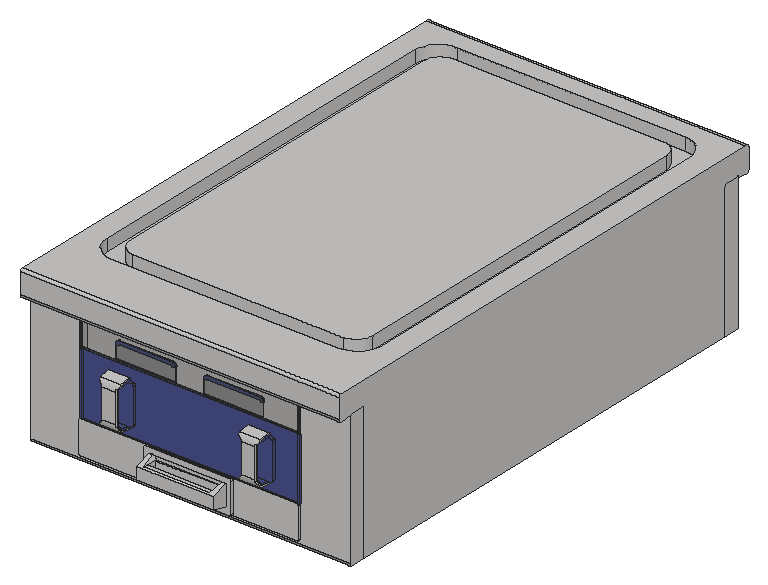
Revit family "QF_ELECTROLUXPROFESSIONAL_588000_MALAAAEOAO", category Specialty Equipment, Revit 2018
Family settings
  Round Connector Dimension = Use Diameter
  Part Type = Normal
  Work Plane-Based = No
  Always vertical = Yes
  Cut with Voids When Loaded = No
  Shared = No
  Room Calculation Point = No
Parameters
  Weight in Pounds = 154.3  # constant formula
  Watts = 6000 VA  # 6000 W
  Volts = 400 V  # constant formula
  URL Cutsheet = ""
  Type Mark [instance] = ""
  Status [instance] = ""
  Specification by User [instance] = ""
  Specification by Manufacturer = ""
  Show Clearance [instance] = yes
  Serial Number = ""
  Seismic Rating = ""
  SMACNA No = ""
  Revision Code [instance] = ""
  Phase = 3  # constant formula
  Omniclass Number and Title = ""
  Number of Poles [instance] = 1
  NAFEM Spec ID Number = ""
  Model = "588000"
  Min Ckt Ampacity = 0 A
  Max Overcurrent Protection = 0 A
  Masterspec = ""
  Manufacturer = "ELECTROLUX"
  Item Number [instance] = ""
  Installed By [instance] = ""
  Identify Quantity as Lot [instance] = yes
  HP = "8 HP"
  Furnished By [instance] = ""
  Foodservice Equipment Identifier [instance] = yes
  FL Amps [instance] = if(Phase = 3, Watts / (Volts * 1.73), Watts / Volts)  # 8.67052 A
  Electrical Remarks = "400 V/3N ph/50/60 Hz"  # constant formula
  Electric Connection Type [instance] = ""
  Elec Conn RI Height [instance] = 0 mm
  Elec Conn Connection Height [instance] = 0 mm
  Direct Waste Size = 0"
  Description = "EL.SOLID TOP,2 ZONES,1-SIDE,500X800X250H"
  Cycle [instance] = if([60 Hertz Option], 60 Hz, 50 Hz)  # 60 Hz
  Conn Plug = ""
  Conn Conduit = yes
  CSI MasterFormat = ""
  CSI Master Format = ""
  Back Panel [instance] = yes
  Apparent Power [instance] = if(Phase = 3, Volts * FL Amps * 1.73, Volts * FL Amps)  # 6000 VA
  60 Hertz Option [instance] = not([50 Hertz Option])  # yes
  50 Hertz Option [instance] = no
Reference planes
  plane 1 "BACK": y = -100
  plane 2: z = 0
  plane 3 "LEFT": x = 0
  plane 4 "RIGHT": x = 500
  plane 5 "FRONT": y = -900
  plane 6 "TOP": z = 250
  plane 7: x = 250
  plane 8: y = -500
  plane 9: x = 455
  plane 10: y = -1330
Forms (mm)
  Extrusion 1, solid, material "QF_Finishes_Stainless Steel"
    sketch origin (0, -487.128, 0) x (0, 1, 0) y (0, 0, 1)
      loop
        line (383.128, 250) -> (-408.872, 250)
        arc (-408.872, 250) -> (-411.7, 248.828) -> (-412.872, 246) r 4
        line (-412.872, 246) -> (-412.872, 214)
        arc (-412.872, 214) -> (-411.443, 210.936) -> (-408.177, 210.061) r 4
        line (-408.177, 210.061) -> (-391.509, 213) -> (-366.872, 213) -> (-366.872, 0) -> (341.128, 0) -> (341.128, 213) -> (365.765, 213) -> (382.433, 210.061)
        arc (382.433, 210.061) -> (385.699, 210.936) -> (387.128, 214) r 4
        line (387.128, 214) -> (387.128, 246)
        arc (387.128, 246) -> (385.956, 248.828) -> (383.128, 250) r 4
    from 0 to 500
  Extrusion 2, solid, material "QF_Finishes_Stainless Steel", visible <- "Back Panel"
    sketch origin (0, 0, 0) x (0, 1, 0) y (0, 0, 1)
      loop
        line (-146, 0) -> (-120, 0) -> (-120, 215)
        arc (-120, 215) -> (-120.586, 213.586) -> (-122, 213) r 2
        line (-122, 213) -> (-146, 213) -> (-146, 0)
    from 0 to 500
  Extrusion 3, void
    sketch origin (653.786, -55.952, 250) x (1, 0, 0) y (0, -1, 0)
      loop
        arc (-619.186, 115.648) -> (-608.349, 89.485) -> (-582.186, 78.648) r 37
        line (-582.186, 78.648) -> (-225.386, 78.648)
        arc (-225.386, 78.648) -> (-199.223, 89.485) -> (-188.386, 115.648) r 37
        line (-188.386, 115.648) -> (-188.386, 716.572)
        arc (-188.386, 716.572) -> (-199.656, 743.779) -> (-226.863, 755.048) r 38.476
        line (-226.863, 755.048) -> (-582.186, 755.048)
        arc (-582.186, 755.048) -> (-608.349, 744.211) -> (-619.186, 718.048) r 37
        line (-619.186, 718.048) -> (-619.186, 115.648)
    from 0 to 19.1
  Extrusion 4, solid, material "QF_Finishes_Stainless Steel"
    sketch origin (0, -854, 0) x (1, 0, 0) y (0, -1, 0)
      loop
        circle (455, -169) r 6.35
    from 0 to 3.2
  Extrusion 5, solid, material "QF_Finishes_Stainless Steel"
    sketch origin (653.786, 9.048, 230.9) x (1, 0, 0) y (0, 1, 0)
      loop
        arc (-568.386, -169.048) -> (-586.347, -176.488) -> (-593.786, -194.448) r 25.4
        line (-593.786, -194.448) -> (-593.786, -769.248)
        arc (-593.786, -769.248) -> (-586.347, -787.209) -> (-568.386, -794.648) r 25.4
        line (-568.386, -794.648) -> (-239.186, -794.648)
        arc (-239.186, -794.648) -> (-221.226, -787.209) -> (-213.786, -769.248) r 25.4
        line (-213.786, -769.248) -> (-213.786, -194.448)
        arc (-213.786, -194.448) -> (-221.226, -176.488) -> (-239.186, -169.048) r 25.4
        line (-239.186, -169.048) -> (-568.386, -169.048)
    from 0 to 19.1
  Extrusion 6, solid, material "QF_Door-Drawer Clearances", visible <- "Show Clearance", detail levels coarse
    sketch origin (287.31, -881.593, 8.62) x (0, 0, 1) y (-1, 0, 0)
      loop
        line (1.973, -134.295) -> (49.317, -134.295)
        arc (49.317, -134.295) -> (50.776, -133.691) -> (51.38, -132.232) r 2.063
        line (51.38, -132.232) -> (51.38, 206.852)
        arc (51.38, 206.852) -> (50.88, 208.549) -> (49.541, 209.705) r 3.133
        line (49.541, 209.705) -> (3.067, 209.705)
        arc (3.067, 209.705) -> (0.898, 208.807) -> (0, 206.638) r 3.067
        line (0, 206.638) -> (0, -132.322)
        arc (0, -132.322) -> (0.578, -133.717) -> (1.973, -134.295) r 1.973
    from 0 to 448.407
Cuts and joins
  Extrusion 3 cuts Extrusion 1
Lines and regions (mm)
  symbolic lines
    curve 1: line (0, -100, 0) -> (500, -100, 0)
    curve 2: line (0, -900, 0) -> (0, -100, 0)
    curve 3: line (500, -900, 0) -> (0, -900, 0)
    curve 4: line (500, -100, 0) -> (500, -900, 0)
    curve 5: line (124.883, -902.326, 0) -> (124.883, -900, 0)
    curve 6: spline (130.551, -903.73, 0) -> (130.073, -903.657, 0) -> (129.595, -903.575, 0) -> (129.118, -903.486, 0) -> (128.642, -903.389, 0) -> (128.167, -903.283, 0) -> (127.693, -903.17, 0) -> (127.221, -903.049, 0) -> (126.75, -902.92, 0) -> (126.281, -902.783, 0) -> (125.813, -902.638, 0) -> (125.347, -902.486, 0) -> (124.883, -902.326, 0)
    curve 7: line (157.098, -902.326, 0) -> (157.098, -900, 0)
    curve 8: spline (157.098, -902.326, 0) -> (156.634, -902.486, 0) -> (156.168, -902.638, 0) -> (155.7, -902.783, 0) -> (155.231, -902.92, 0) -> (154.76, -903.049, 0) -> (154.287, -903.17, 0) -> (153.814, -903.283, 0) -> (153.339, -903.389, 0) -> (152.863, -903.486, 0) -> (152.386, -903.575, 0) -> (151.908, -903.657, 0) -> (151.429, -903.73, 0)
    curve 9: line (130.551, -903.73, 0) -> (151.429, -903.73, 0)
    curve 10: line (375.117, -902.326, 0) -> (375.117, -900, 0)
    curve 11: spline (369.449, -903.73, 0) -> (369.927, -903.657, 0) -> (370.405, -903.575, 0) -> (370.882, -903.486, 0) -> (371.358, -903.389, 0) -> (371.833, -903.283, 0) -> (372.307, -903.17, 0) -> (372.779, -903.049, 0) -> (373.25, -902.92, 0) -> (373.719, -902.783, 0) -> (374.187, -902.638, 0) -> (374.653, -902.486, 0) -> (375.117, -902.326, 0)
    curve 12: line (342.902, -902.326, 0) -> (342.902, -900, 0)
    curve 13: spline (342.902, -902.326, 0) -> (343.366, -902.486, 0) -> (343.832, -902.638, 0) -> (344.3, -902.783, 0) -> (344.769, -902.92, 0) -> (345.24, -903.049, 0) -> (345.713, -903.17, 0) -> (346.186, -903.283, 0) -> (346.661, -903.389, 0) -> (347.137, -903.486, 0) -> (347.614, -903.575, 0) -> (348.092, -903.657, 0) -> (348.571, -903.73, 0)
    curve 14: line (369.449, -903.73, 0) -> (348.571, -903.73, 0)
    curve 26: line (414.6, -160, 0) -> (85.4, -160, 0)
    curve 27: arc (85.4, -160, 0) -> (67.439, -167.439, 0) -> (60, -185.4, 0) r 25.4
    curve 28: line (60, -185.4, 0) -> (60, -760.2, 0)
    curve 29: arc (60, -760.2, 0) -> (67.439, -778.161, 0) -> (85.4, -785.6, 0) r 25.4
    curve 30: line (85.4, -785.6, 0) -> (414.6, -785.6, 0)
    curve 31: arc (414.6, -785.6, 0) -> (432.561, -778.161, 0) -> (440, -760.2, 0) r 25.4
    curve 32: line (440, -760.2, 0) -> (440, -185.4, 0)
    curve 33: arc (440, -185.4, 0) -> (432.561, -167.439, 0) -> (414.6, -160, 0) r 25.4
    curve 34: line (197.608, -908.767, 0) -> (196.03, -900, 0)
    curve 35: line (197.608, -908.767, 0) -> (300.042, -908.767, 0)
    curve 36: line (300.042, -908.767, 0) -> (301.62, -900, 0)
  symbolic lines, style "QF_Door-Drawer Clearances"
    curve 15: line (77.605, -1330, 0) -> (77.605, -900, 0)
    curve 16: line (77.605, -1330, 0) -> (421.605, -1330, 0)
    curve 17: line (421.605, -1330, 0) -> (421.605, -900, 0)
  symbolic lines, style "SpecialityEquipment"
    curve 18: line (71.6, -134.6, 0) -> (428.4, -134.6, 0)
    curve 19: arc (428.4, -134.6, 0) -> (454.563, -145.437, 0) -> (465.4, -171.6, 0) r 37
    curve 20: line (465.4, -171.6, 0) -> (465.4, -772.524, 0)
    curve 21: arc (465.4, -772.524, 0) -> (454.131, -799.731, 0) -> (426.924, -811, 0) r 38.476
    curve 22: line (426.924, -811, 0) -> (71.6, -811, 0)
    curve 23: arc (71.6, -811, 0) -> (45.437, -800.163, 0) -> (34.6, -774, 0) r 37
    curve 24: line (34.6, -774, 0) -> (34.6, -171.6, 0)
    curve 25: arc (34.6, -171.6, 0) -> (45.437, -145.437, 0) -> (71.6, -134.6, 0) r 37
Dimensions and locks
  plane 3 "LEFT" to plane 4 "RIGHT" = 500 mm
  plane 5 "FRONT" to plane 1 "BACK" = 800 mm
  equal spacing: plane 3 "LEFT", plane 7, plane 4 "RIGHT"
  equal spacing: plane 5 "FRONT", plane 8, plane 1 "BACK"
  plane 6 "TOP" to level = 250 mm  (x2)
  plane 1 "BACK" to plane 5 "FRONT" = 800 mm
  Extrusion 4 sketch curve to plane 1 "BACK" = 585 mm
  Extrusion 4 sketch curve to plane 4 "RIGHT" = 45 mm
  plane 1 "BACK" to Extrusion 4 = 585 mm
  plane 9 to plane 4 "RIGHT" = 45 mm
  aligned and locked: level to plane 2
  aligned and locked: cut or joined group of Extrusion 1, Extrusion 3 to plane 4 "RIGHT"
  aligned and locked: Extrusion 2 to plane 4 "RIGHT"
  aligned and locked: plane 7 to nested 1
Automatic sketch dimensions
  Extrusion 2 sketch curve to Extrusion 2 sketch curve = 26 mm
  plane 1 "BACK" to Extrusion 2 sketch curve = 22 mm
  Extrusion 2 sketch curve to Extrusion 2 sketch curve = 2 mm
  level to Extrusion 2 sketch curve = 213 mm
  Extrusion 1 sketch curve to plane 5 "FRONT" = 0 mm
  Extrusion 1 sketch curve to plane 6 "TOP" = 0 mm
  Extrusion 1 sketch curve to level = 0 mm
  Extrusion 1 sketch curve to plane 1 "BACK" = 0 mm
  Extrusion 1 sketch curve to plane 6 "TOP" = 37 mm  (x2)
  Extrusion 1 sketch curve to plane 5 "FRONT" = 4 mm
  Extrusion 1 sketch curve to plane 5 "FRONT" = 21.363 mm
  Extrusion 1 sketch curve to plane 5 "FRONT" = 46 mm
  plane 1 "BACK" to Extrusion 1 sketch curve = 21.363 mm
  plane 1 "BACK" to Extrusion 1 sketch curve = 4 mm  (x2)
  Extrusion 1 sketch curve to Extrusion 1 sketch curve = 4 mm
  Extrusion 1 sketch curve to Extrusion 1 sketch curve = 0.695 mm
  Extrusion 1 sketch curve to Extrusion 1 sketch curve = 0 mm  (x4)
  plane 1 "BACK" to Extrusion 1 sketch curve = 4.695 mm
  Extrusion 1 sketch curve to Extrusion 1 sketch curve = 1 mm  (x2)
  plane 1 "BACK" to Extrusion 1 sketch curve = 46 mm
  level to Extrusion 6 sketch curve = 8.62 mm
  level to Extrusion 6 sketch curve = 57.937 mm
  plane 4 "RIGHT" to Extrusion 6 sketch curve = 78.395 mm
  Extrusion 6 sketch curve to Extrusion 6 sketch curve = 1.973 mm
  Extrusion 6 sketch curve to Extrusion 6 sketch curve = 3.067 mm
  Extrusion 6 sketch curve to plane 7 = 172.395 mm
  Extrusion 6 sketch curve to Extrusion 6 sketch curve = 46.474 mm
  Extrusion 6 sketch curve to Extrusion 6 sketch curve = 2.063 mm
  Extrusion 6 sketch curve to Extrusion 6 sketch curve = 3.133 mm
  Extrusion 1 to Extrusion 3 sketch curve = 34.6 mm  (x2)
  Extrusion 1 to Extrusion 3 sketch curve = 85 mm
  Extrusion 1 to Extrusion 3 sketch curve = 30.6 mm
  Extrusion 3 sketch curve to Extrusion 3 sketch curve = 37 mm  (x2)
  Extrusion 1 to Extrusion 3 sketch curve = 73.076 mm
  Extrusion 1 to Extrusion 3 sketch curve = 71.6 mm
  Extrusion 5 sketch curve to Extrusion 3 = 25.4 mm  (x3)
  Extrusion 5 sketch curve to Extrusion 5 sketch curve = 25.4 mm  (x2)
  Extrusion 5 sketch curve to Extrusion 3 = 50.8 mm  (x3)
  curve 4 to plane 4 "RIGHT" = 0 mm
  curve 16 to plane 10 = 0 mm
  curve 2 to plane 3 "LEFT" = 0 mm
  plane 1 "BACK" to curve 1 = 0 mm
  plane 5 "FRONT" to curve 36 = 0 mm
  curve 20 to plane 9 = 10.4 mm
  plane 9 to curve 32 = 15 mm
  plane 9 to curve 18 = 26.6 mm
  plane 9 to curve 22 = 28.076 mm
  plane 9 to curve 16 = 33.395 mm
  curve 21 to curve 30 = 12.324 mm
  curve 19 to curve 26 = 13.8 mm
  plane 5 "FRONT" to curve 10 = 2.326 mm
  curve 17 to curve 10 = 46.488 mm
  plane 5 "FRONT" to curve 14 = 3.73 mm
  curve 10 to curve 14 = 5.669 mm
  curve 14 to curve 14 = 20.878 mm
  plane 5 "FRONT" to curve 12 = 2.326 mm
  curve 14 to curve 12 = 5.669 mm
  curve 35 to plane 7 = 52.392 mm
  plane 5 "FRONT" to curve 7 = 2.326 mm
  curve 34 to curve 7 = 40.51 mm
  plane 5 "FRONT" to curve 9 = 3.73 mm
  curve 7 to curve 9 = 5.669 mm
  curve 9 to curve 9 = 20.878 mm
  plane 5 "FRONT" to curve 5 = 2.326 mm
  curve 6 to curve 5 = 5.669 mm
  plane 3 "LEFT" to curve 26 = 85.4 mm
  plane 3 "LEFT" to curve 30 = 85.4 mm
  plane 3 "LEFT" to curve 16 = 77.605 mm
  curve 27 to curve 18 = 13.8 mm
  curve 30 to curve 22 = 13.8 mm
  curve 25 to curve 28 = 11.6 mm
  curve 27 to curve 24 = 25.4 mm
  plane 5 "FRONT" to curve 11 = 4.032 mm
  curve 14 to curve 11 = 4.17 mm
  plane 5 "FRONT" to curve 13 = 4.032 mm
  curve 13 to curve 13 = 4.17 mm
  curve 12 to curve 36 = 41.282 mm
  plane 5 "FRONT" to curve 36 = 8.767 mm
  curve 36 to curve 36 = 1.578 mm
  curve 34 to curve 34 = 1.578 mm
  plane 5 "FRONT" to curve 8 = 4.032 mm
  curve 9 to curve 8 = 4.17 mm
  plane 5 "FRONT" to curve 6 = 4.032 mm
  curve 6 to curve 6 = 4.17 mm
  plane 1 "BACK" to curve 18 = 34.6 mm
  curve 26 to curve 19 = 11.6 mm
  curve 28 to curve 6 = 100.699 mm
  curve 32 to curve 20 = 12.324 mm
  Extrusion 2 sketch curve to level = 0 mm
  radius of Extrusion 4 sketch curve = 6.35 mm
Nested families
  nested 1: "EST_800_500 mm Double Control Front Panel" at (252.376, -854, -650), type "EST_800_500 mm Double Control Front Panel"
Connectors
  electrical at (455, -685, -3.2), driven by "Volts", driven by "Watts"
    settings: on Extrusion 4, index 1, voltage 400 V, apparent load 6000 VA, apparent load phase1 0 VA, apparent load phase2 0 VA, apparent load phase3 0 VA, power factor 1, load classification "Other", number of poles 1, system type 30, power factor state 1, is connector primary yes, connector utility no, sub classification motor no, connector description "ELECTRICAL CONNECTION"
Definition of nested family "EST_800_500 mm Double Control Front Panel"
  Parameters
    Length = 500 mm
  Reference planes
    plane 1 "Center (Front/Back)": y = 0
    plane 2: z = 0
    plane 3 "Center (Left/Right)": x = -2.376
    plane 4: x = -252.376
    plane 5: x = 247.624
  Forms (mm)
    Extrusion 1, solid
      sketch origin (833.217, 829.203, -1.25) x (0, 1, 0) y (0, 0, 1)
        loop
          arc (-854.203, 654.25) -> (-853.324, 652.129) -> (-851.203, 651.25) r 3
          line (-851.203, 651.25) -> (-829.203, 651.25) -> (-829.203, 864.25) -> (-854.203, 864.25) -> (-854.203, 654.25)
      from -1085.593 to -585.593
    Extrusion 2, void
      sketch origin (33.217, 829.203, -1.25) x (1, 0, 0) y (0, 0, 1)
        loop
          line (-207.593, 852.364) -> (-207.593, 710.364) -> (136.407, 710.364) -> (136.407, 852.364) -> (-207.593, 852.364)
      from 843.409 to 854.203
  Cuts and joins
    Extrusion 2 cuts Extrusion 1
  Dimensions and locks
    equal spacing: plane 5, plane 3 "Center (Left/Right)", plane 4
    "Length": plane 5 to plane 4
    locked: nested 2 to plane 4 at 117.396
    locked: plane 5 to nested 1 at 117
    locked: nested 2 to plane 4 at 141.217
    locked: plane 5 to nested 1 at 140.821
    aligned and locked: cut or joined group of Extrusion 1, Extrusion 2 to plane 4
    aligned and locked: plane 5 to cut or joined group of Extrusion 1, Extrusion 2
    aligned and locked: plane 3 "Center (Left/Right)" to nested 3
  Automatic sketch dimensions
    Extrusion 1 sketch curve to plane 1 "Center (Front/Back)" = 0 mm
    plane 1 "Center (Front/Back)" to Extrusion 1 sketch curve = 22 mm
    Extrusion 1 sketch curve to Extrusion 1 sketch curve = 3 mm
    level to Extrusion 1 sketch curve = 650 mm
    Extrusion 1 sketch curve to Extrusion 1 sketch curve = 210 mm
    plane 4 to Extrusion 2 sketch curve = 78 mm
    Extrusion 2 sketch curve to plane 5 = 78 mm
    level to Extrusion 2 sketch curve = 709.114 mm
    Extrusion 2 sketch curve to Extrusion 2 sketch curve = 142 mm
  Nested families
    nested 1: "Range Control Handle" at (106.804, -28.137, -209.113), type "Range Control Handle"
    nested 2: "Range Control Handle" at (-111.159, -28.137, -209.113) x (-1, 0, 0) z (0, 0, 1), type "Range Control Handle"
    nested 3: "glass conrol panel One Right Side" at (-2.376, 278.697, 0), type "glass conrol panel One Right Side"
    nested 4: "grease trap door" at (65.223, -25, 0.608) x (-1, 0, 0) z (0, 0, 1), type "grease trap door"
  Definition of nested family "Range Control Handle"
    Reference planes
      plane 1 "Center (Front/Back)": y = 0
      plane 2: z = 0
      plane 3 "Center (Left/Right)": x = 0
      plane 4: z = 971.092
    Forms (mm)
      Extrusion 1, solid
        sketch origin (-746.28, 380.497, 208.931) x (-1, 0, 0) y (0, 0, 1)
          loop
            line (-770.101, 786.798) -> (-770.101, 731.649)
            arc (-770.101, 731.649) -> (-769.759, 730.563) -> (-768.855, 729.87) r 1.893
            line (-768.855, 729.87) -> (-763.474, 727.911) -> (-729.81, 727.911) -> (-724.428, 729.87)
            arc (-724.428, 729.87) -> (-723.525, 730.563) -> (-723.183, 731.649) r 1.893
            line (-723.183, 731.649) -> (-723.183, 786.798)
            arc (-723.183, 786.798) -> (-723.529, 787.894) -> (-724.44, 788.593) r 1.91
            line (-724.44, 788.593) -> (-729.683, 790.819) -> (-763.601, 790.819) -> (-768.844, 788.593)
            arc (-768.844, 788.593) -> (-769.755, 787.894) -> (-770.101, 786.798) r 1.91
        from -382.35 to -378.852
      Sweep 2, solid
        path origin (-746.788, 380.496, 208.091) x (0, -1, 0) y (0, 0, 1)
          loop
            line (379.775, 793.281) -> (395.661, 791.048)
            arc (395.661, 791.048) -> (397.781, 787.377) -> (398.517, 783.202) r 12.207
            line (398.517, 783.202) -> (398.517, 737.368)
            arc (398.517, 737.368) -> (397.781, 733.193) -> (395.661, 729.522) r 12.207
            line (395.661, 729.522) -> (379.775, 727.289)
        profile origin (-746.788, -7.222, 1000.256) x (0, -0.139173, 0.990268) y (-1, 0, 0)
          loop
            line (0.782, -763.123) -> (0.782, -730.907) -> (-1.322, -730.907) -> (-1.322, -763.123) -> (0.782, -763.123)
      Sweep 3, solid
        path origin (-746.788, 380.715, 207.832) x (0, -1, 0) y (0, 0, 1)
          loop
            line (380.478, 795.442) -> (397.218, 793.09)
            arc (397.218, 793.09) -> (399.929, 788.473) -> (400.871, 783.202) r 15.207
            line (400.871, 783.202) -> (400.871, 737.584)
            arc (400.871, 737.584) -> (399.914, 732.274) -> (397.164, 727.633) r 15.207
            line (397.164, 727.633) -> (380.601, 725.305)
        profile origin (-746.788, -8.132, 1002.099) x (0, -0.139173, 0.990268) y (-1, 0, 0)
          loop
            line (0.782, -763.123) -> (0.782, -730.907) -> (-1.322, -730.907) -> (-1.322, -763.123) -> (0.782, -763.123)
      Extrusion 4, void
        sketch origin (889.253, 220.666, 207.993) x (1, 0, 0) y (0, 0, 1)
          loop
            line (-943.038, 816.854) -> (-943.038, 703.686) -> (-899.466, 734.196) -> (-899.466, 786.344) -> (-943.038, 816.854)
        from 230.636 to 242.25
      Extrusion 5, void
        sketch origin (-888.8, 220.666, 207.993) x (-1, 0, 0) y (0, 0, -1)
          loop
            line (-943.038, -816.854) -> (-899.466, -786.344) -> (-899.466, -734.196) -> (-943.038, -703.686) -> (-943.038, -816.854)
        from 230.636 to 242.25
      Extrusion 6, solid
        sketch origin (0, 0, 0) x (1, 0, 0) y (0, 0, 1)
          loop
            circle (0, 971.092) r 7.736
        from -3.137 to -1.645
    Cuts and joins
      Extrusion 4, Extrusion 5 cuts Sweep 3
      Extrusion 4, Extrusion 5 cuts Sweep 2
      joined: Extrusion 1, Extrusion 6
    Lines and regions (mm)
      symbolic lines
        curve 1: line (23.821, 1.645, 0) -> (-23.097, 1.645, 0)
        curve 2: line (16.334, -1.853, 0) -> (23.821, -1.853, 0)
        curve 3: line (-15.881, -19.189, 0) -> (-15.881, -1.853, 0)
        curve 4: line (-23.097, -1.853, 0) -> (-15.881, -1.853, 0)
        curve 5: line (16.334, -19.189, 0) -> (16.334, -1.853, 0)
        curve 6: spline (-15.881, -19.189, 0) -> (-15.417, -19.349, 0) -> (-14.951, -19.501, 0) -> (-14.483, -19.646, 0) -> (-14.014, -19.783, 0) -> (-13.543, -19.912, 0) -> (-13.071, -20.033, 0) -> (-12.597, -20.146, 0) -> (-12.122, -20.251, 0) -> (-11.646, -20.349, 0) -> (-11.169, -20.438, 0) -> (-10.691, -20.52, 0) -> (-10.213, -20.593, 0)
        curve 7: spline (10.666, -20.593, 0) -> (11.144, -20.52, 0) -> (11.622, -20.438, 0) -> (12.099, -20.349, 0) -> (12.575, -20.251, 0) -> (13.05, -20.146, 0) -> (13.524, -20.033, 0) -> (13.996, -19.912, 0) -> (14.467, -19.783, 0) -> (14.936, -19.646, 0) -> (15.404, -19.501, 0) -> (15.87, -19.349, 0) -> (16.334, -19.189, 0)
        curve 8: line (-10.213, -20.938, 0) -> (10.716, -20.938, 0)
        curve 9: line (-23.097, 1.645, 0) -> (-23.097, -1.853, 0)
        curve 10: line (23.821, 1.645, 0) -> (23.821, -1.853, 0)
  Definition of nested family "glass conrol panel One Right Side"
    Reference planes
      plane 1 "Center (Front/Back)": y = 0
      plane 2: z = 0
      plane 3 "Center (Left/Right)": x = 0
    Forms (mm)
      Extrusion 1, solid
        sketch origin (378.286, 0, 0.617) x (1, 0, 0) y (0, 0, 1)
          loop
            line (-550.286, 806.791) -> (-550.286, 708.497) -> (-206.286, 708.497) -> (-206.286, 806.791) -> (-550.286, 806.791)
        from 300.031 to 304.8
      Extrusion 2, solid
        sketch origin (378.286, 0, 0.617) x (1, 0, 0) y (0, 0, 1)
          loop
            line (-550.286, 850.497) -> (-550.286, 806.791) -> (-206.286, 806.791) -> (-206.286, 850.497) -> (-550.286, 850.497)
        from 300.031 to 304.8
      Extrusion 3, void
        sketch origin (378.286, 0, 0.617) x (1, 0, 0) y (0, 0, 1)
          loop
            line (-547.628, 847.565) -> (-547.628, 710.699) -> (-209.196, 710.699) -> (-209.196, 847.565) -> (-547.628, 847.565)
        from 303.697 to 304.8
      Extrusion 4, solid
        sketch origin (377.536, 1.101, -0.633) x (1, 0, 0) y (0, 0, 1)
          loop
            line (-261.431, 812.62) -> (-261.431, 834.177) -> (-266.24, 834.177) -> (-268.039, 835.977) -> (-348.469, 835.977) -> (-350.269, 834.177) -> (-355.186, 834.177) -> (-355.186, 812.62) -> (-261.431, 812.62)
        from 304.798 to 306.745
      Extrusion 5, solid
        sketch origin (377.536, 1.101, -0.633) x (1, 0, 0) y (0, 0, 1)
          loop
            line (-350.269, 834.177) -> (-348.469, 835.977) -> (-268.039, 835.977) -> (-266.24, 834.177) -> (-261.529, 834.177)
            arc (-261.529, 834.177) -> (-262.706, 838.752) -> (-266.98, 840.763) r 5.549
            line (-266.98, 840.763) -> (-349.686, 840.763)
            arc (-349.686, 840.763) -> (-353.942, 838.747) -> (-355.078, 834.177) r 5.5
            line (-355.078, 834.177) -> (-350.269, 834.177)
        from 304.798 to 306.745
      Extrusion 6, solid
        sketch origin (-377.536, 1.101, -0.633) x (-1, 0, 0) y (0, 0, -1)
          loop
            line (-261.431, -812.62) -> (-355.186, -812.62) -> (-355.186, -834.177) -> (-350.269, -834.177) -> (-348.469, -835.977) -> (-268.039, -835.977) -> (-266.24, -834.177) -> (-261.431, -834.177) -> (-261.431, -812.62)
        from 304.798 to 306.745
      Extrusion 7, solid
        sketch origin (-377.536, 1.101, -0.633) x (-1, 0, 0) y (0, 0, -1)
          loop
            line (-350.269, -834.177) -> (-355.078, -834.177)
            arc (-355.078, -834.177) -> (-353.942, -838.747) -> (-349.686, -840.763) r 5.5
            line (-349.686, -840.763) -> (-266.98, -840.763)
            arc (-266.98, -840.763) -> (-262.706, -838.752) -> (-261.529, -834.177) r 5.549
            line (-261.529, -834.177) -> (-266.24, -834.177) -> (-268.039, -835.977) -> (-348.469, -835.977) -> (-350.269, -834.177)
        from 304.798 to 306.745
    Cuts and joins
      Extrusion 3 cuts Extrusion 1
      Extrusion 3 cuts Extrusion 2
      Extrusion 3 cuts Extrusion 4
      Extrusion 3 cuts Extrusion 5
    Dimensions and locks
      aligned and locked: Extrusion 1 to Extrusion 2
      aligned and locked: Extrusion 5 sketch curve to Extrusion 4  (x4)
      aligned and locked: Extrusion 4 to Extrusion 5 sketch curve
      aligned and locked: Extrusion 5 to Extrusion 4
      aligned and locked: Extrusion 7 sketch curve to Extrusion 6  (x5)
      aligned and locked: Extrusion 7 to Extrusion 6
  Definition of nested family "grease trap door"
    Reference planes
      plane 1 "Center (Front/Back)": y = 0
      plane 2: z = 0
      plane 3 "Center (Left/Right)": x = 0
    Forms (mm)
      Extrusion 1, solid
        sketch origin (1627.55, 854.203, -1.25) x (1, 0, 0) y (0, 0, 1)
          loop
            arc (-1627.55, 661.235) -> (-1626.972, 659.84) -> (-1625.577, 659.262) r 1.973
            line (-1625.577, 659.262) -> (-1494.325, 659.262)
            arc (-1494.325, 659.262) -> (-1492.156, 660.16) -> (-1491.258, 662.329) r 3.067
            line (-1491.258, 662.329) -> (-1491.258, 708.803)
            arc (-1491.258, 708.803) -> (-1492.414, 710.143) -> (-1494.111, 710.642) r 3.133
            line (-1494.111, 710.642) -> (-1625.486, 710.642)
            arc (-1625.486, 710.642) -> (-1626.945, 710.038) -> (-1627.55, 708.579) r 2.063
            line (-1627.55, 708.579) -> (-1627.55, 661.235)
        from 856.795 to 859.203
      Extrusion 2, solid
        sketch origin (445.874, 2476.61, 0) x (0, 1, 0) y (0, 0, 1)
          loop
            line (-2506.377, 675.273) -> (-2481.61, 667.505) -> (-2481.61, 700.995) -> (-2506.377, 693.227) -> (-2506.377, 675.273)
        from -437.68 to -317.68
      Extrusion 3, void
        sketch origin (1627.55, 854.203, -1.25) x (1, 0, 0) y (0, 0, 1)
          loop
            line (-1614.883, 703) -> (-1610.542, 695.433) -> (-1508.17, 695.433) -> (-1503.828, 703) -> (-1614.883, 703)
          loop
            line (-1614.883, 668) -> (-1502.669, 668) -> (-1507.01, 675.567) -> (-1610.542, 675.567) -> (-1614.883, 668)
        from 832.916 to 883.97
      Extrusion 4, void
        sketch origin (447.55, 854.203, -1.25) x (1, 0, 0) y (0, 0, 1)
          loop
            line (-430.542, 695.433) -> (-430.542, 675.567) -> (-328.17, 675.567) -> (-328.17, 695.433) -> (-430.542, 695.433)
        from 859.203 to 874.202
      Extrusion 5, solid
        sketch origin (1627.55, 854.203, -1.25) x (1, 0, 0) y (0, 0, 1)
          loop
            arc (-1731.556, 661.235) -> (-1730.978, 659.84) -> (-1729.583, 659.262) r 1.973
            line (-1729.583, 659.262) -> (-1390.623, 659.262)
            arc (-1390.623, 659.262) -> (-1388.454, 660.16) -> (-1387.556, 662.329) r 3.067
            line (-1387.556, 662.329) -> (-1387.556, 708.803)
            arc (-1387.556, 708.803) -> (-1388.712, 710.143) -> (-1390.409, 710.642) r 3.133
            line (-1390.409, 710.642) -> (-1729.493, 710.642)
            arc (-1729.493, 710.642) -> (-1730.952, 710.038) -> (-1731.556, 708.579) r 2.063
            line (-1731.556, 708.579) -> (-1731.556, 661.235)
        from 854.203 to 856.795
    Cuts and joins
      Extrusion 3 cuts Extrusion 1
      Extrusion 3, Extrusion 4 cuts Extrusion 2
      joined: Extrusion 1, Extrusion 2
    Lines and regions (mm)
      symbolic lines
        curve 1: line (0, -2.593, 0) -> (136.292, -2.593, 0)
        curve 2: line (17.557, -29.767, 0) -> (12.667, -2.593, 0)
        curve 3: line (17.557, -29.767, 0) -> (119.991, -29.767, 0)
        curve 4: line (119.991, -29.767, 0) -> (124.881, -2.593, 0)
        curve 5: line (68.146, -2.593, 0) -> (68.146, -29.767, 0)
      model lines
        curve 6: line (67.599, 0, 658.012) -> (67.599, 0, 709.392)
    Dimensions and locks
      aligned and locked: Extrusion 2 to Extrusion 1
      aligned and locked: Extrusion 3 to Extrusion 2
      aligned and locked: Extrusion 4 to Extrusion 1
